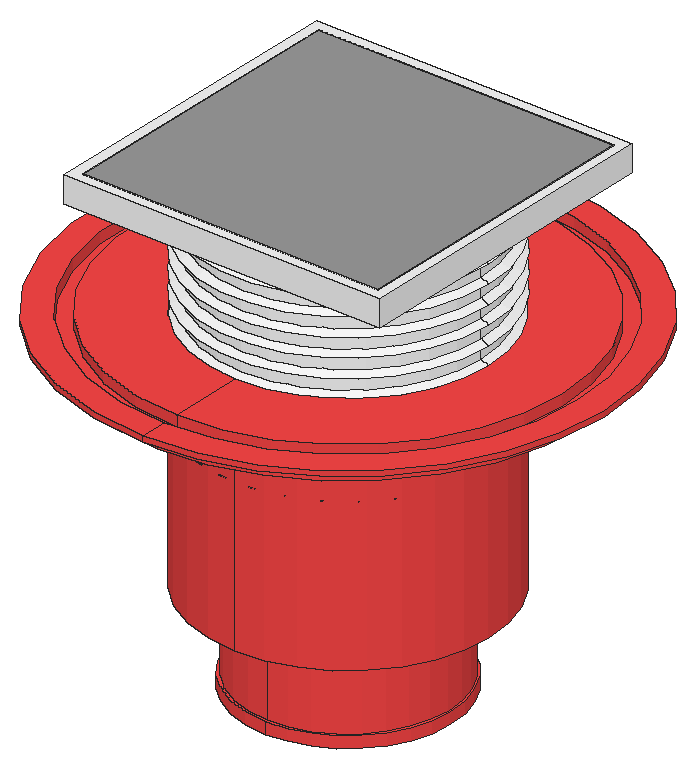
Revit family "HL Трап для внутренних помещенийHL310NPr-SML", category Сантехнические приборы, Revit 2025
Family settings
  Размер круглого соединителя = Использовать диаметр
  Тип детали = Нормальный
  Номер OmniClass = 23.70.50.21.24.14
  Заголовок OmniClass = Deck Waste Water Drains
  На основе рабочей плоскости = Нет
  Отображать на видах в сечении = Нет
  Всегда вертикально = Да
  При загрузке вырезать с полостями = Нет
  Сохранять ориентацию аннотаций = Нет
  Общий = Да
  Точка принадлежности помещению = Да
Parameters (values of type "HL310KSML_50")
  РЕШЁТКА = "115 x 115 mm / V2A"
  РАЗМЕР = "DN50/75/110"
  ПРОПУСКНАЯ СПОСОБНОСТЬ = 0.67 L/s
  ПРОИЗВОДИТЕЛЬНОСТЬ = "0,67 l/s"
  ПРАВОВАЯ ИНФОРМАЦИЯ = "Авторские права(©), права на дизайн или какие либо другие права интелектуальной собственности являются исключительной собственностью компании HL Hutterer & Lechner. Изменению не подлежит. Файл семейства с данными о прозводителе изделия защищен паролем с водяным знаком."  # constant formula
  Нормы = "EN 1253-1"
  НОМИНАЛЬНЫЙ ДИАМЕТР [instance] = 50 mm
  НАСАДКА = "12-70 mm / 123 x 123 mm / PP"
  МАТЕРИАЛ = "PP, V2A"
  МАКСИМАЛЬНАЯ НАГРУЗКА КЛАССА = "K3 - 300 kg"
  ВЫСОТА МОНТАЖА = "163 mm"
  ВЕС = "0,72 [kg]"
  EAN = "9003076004638"
  Отметка по умолчанию = 0 mm
  Подключение к вентиляции = no
  Изготовитель = "HL Hutterer & Lechner GmbH"  # constant formula
  URL = "http://www.hutterer-lechner.com/ru/Products/catalog/floor-drains/attachments/HL310N.aspx"
  Подключение к сливной трубе = yes
  Подключение к горячей воде = no
  Описание = "Трап для внутренних помещений"
  Model = "HL310KSML_50"
  Комментарии к типоразмеру = "Корпус трапа для внутренних помещений DN50/75/110 вертикальный"
  Keynote = "HL310KSML_50"
  Высота монтажа [instance] = 136 mm
  DN_Test [instance] = if(or(НОМИНАЛЬНЫЙ ДИАМЕТР = 50 mm, НОМИНАЛЬНЫЙ ДИАМЕТР = 75 mm, НОМИНАЛЬНЫЙ ДИАМЕТР = 110 mm), 30 mm, 0 mm)  # 30 mm
  Подключение к холодной воде = no
  B [instance] = if(НОМИНАЛЬНЫЙ ДИАМЕТР = 110 mm, Высота монтажа - 41 mm, if(НОМИНАЛЬНЫЙ ДИАМЕТР = 75 mm, Высота монтажа - 5.5 mm, Высота монтажа))  # 136 mm
  A [instance] = if(B - 100 mm > 15 mm, B - 100 mm, 15 mm)  # 36 mm
Reference planes
  plane 1 "Center (Front/Back)": y = 0
  plane 2: z = 0
  plane 3 "Center (Left/Right)": x = 0
  plane 4 "Ball Joint Vertical": x = 25.45
  plane 5: z = -136
  plane 6: z = -136
Lines and regions (mm)
  model lines, style "InvisibleLines"
    curve 1: line (0, 0, 0) -> (0, 0, 975)
  reference lines
    curve 2: line (0, 0, -131.004) -> (0, 0, -136.004)
  model lines, detail levels coarse+medium
    curve 3: line (0, 0, -136) -> (0, 0, -100)
    curve 4: line (0, 0, -100) -> (100, 0, 0)
    curve 5: line (0, 0, -100) -> (-100, 0, 0)
  symbolic lines, style "InvisibleLines", not visible
    curve 6: line (0, 0, 0) -> (0, 0, -30)
  symbolic lines, detail levels coarse+medium
    curve 7: line (-75, 75, 0) -> (75, 75, 0)
    curve 8: line (-75, -75, 0) -> (-75, 75, 0)
    curve 9: line (75, -75, 0) -> (-75, -75, 0)
    curve 10: line (75, 75, 0) -> (75, -75, 0)
    curve 11: line (75, 75, 0) -> (145.711, 145.711, 0)
    curve 12: line (-75, 75, 0) -> (-145.711, 145.711, 0)
    curve 13: line (75, -75, 0) -> (145.711, -145.711, 0)
    curve 14: line (-75, -75, 0) -> (-145.711, -145.711, 0)
  symbolic lines, not visible, detail levels coarse+medium
    curve 15: line (97.767, 268.748, 0) -> (247.767, 268.748, 0)
    curve 16: line (97.767, 118.748, 0) -> (97.767, 268.748, 0)
    curve 17: line (247.767, 118.748, 0) -> (97.767, 118.748, 0)
    curve 18: line (247.767, 268.748, 0) -> (247.767, 118.748, 0)
    curve 19: line (247.767, 268.748, 0) -> (318.478, 339.459, 0)
    curve 20: line (97.767, 268.748, 0) -> (27.057, 339.459, 0)
    curve 21: line (247.767, 118.748, 0) -> (318.478, 48.037, 0)
    curve 22: line (97.767, 118.748, 0) -> (27.057, 48.037, 0)
Text (mm)
  text "FLOOR" at (-218.559, 0, -14.206), in view "вид строительства"
Dimensions and locks
  locked: plane 4 "Ball Joint Vertical" to plane 3 "Center (Left/Right)" at 25.45
  "Высота монтажа": plane 2 to plane 5
  "A": curve 5 to plane 6
  "B": curve 5 to plane 6
  "B": curve 4 to plane 6
  "B": plane 2 to plane 6
  "DN_Test": plane 2 to curve 6
  plane 2 to nested 1 = 92.986 mm
  locked: curve 4 to plane 3 "Center (Left/Right)" (angle 45.00°)
  locked: plane 3 "Center (Left/Right)" to curve 5 (angle 45.00°)
  aligned and locked: level to plane 2
  aligned and locked: plane 2 to curve 1
  aligned and locked: plane 3 "Center (Left/Right)" to curve 1
  aligned and locked: plane 3 "Center (Left/Right)" to curve 2
  aligned and locked: plane 3 "Center (Left/Right)" to curve 3
  aligned and locked: plane 3 "Center (Left/Right)" to curve 5
  aligned and locked: plane 6 to curve 3
Automatic sketch dimensions
  curve 2 to plane 6 = 0.004 mm
  plane 6 to curve 2 = 4.996 mm
  level to curve 1 = 975 mm
Nested families
  nested 1: "HL-Корпус для трапа внутренних помещений-HL310KSML-50" at (0, 0, -0.017), type "HL310KSML-50"
  nested 2: "HL_Вкладыш сифона_HL2000" at (0, 0, 45), type "HL2000_Main Component"
  nested 3: "HL_Насадка_HL037N.2E" at (0, 0, 52.5), type "HL037N.2E"
    with Высота монтажа 70 mm, RN 11, RL 71.5 mm, R yes, NL_Test yes, NL 90 mm
  nested 4: "HL_Решётка_HL037Pr.1E" at (0, 0, 52.5), type "HL037Pr.1E"
Connectors
  piping at (0, 0, -136.004), diameter 50, driven by "ПРОПУСКНАЯ СПОСОБНОСТЬ", driven by "НОМИНАЛЬНЫЙ ДИАМЕТР"
    settings: on curve 2, index 1, connector inside diameter 609.6 mm, connector length 0 mm, flow factor 0, pipe flow 0.67 L/s, pressure drop 0.0 Pa, fitting loss kfactor 0, connector angle 0.00°, fixture units 0, engagement length 0 mm, angle of deflection 0.00°, flow configuration 1, flow direction 2, fitting loss method 0, system type 16, joint type 0, gender type 0, connector reference index -1, connector utility 0, adjustable connector no, is connector primary yes, connector description ""
Definition of nested family "HL-Корпус для трапа внутренних помещений-HL310KSML-50"
  Parameters (values of type "HL310KSML-50")
    РАЗМЕР = "d50"
    ПРОИЗВОДИТЕЛЬНОСТЬ = ">0,5 l/s"
    ПРАВОВАЯ ИНФОРМАЦИЯ = "Авторские права(©), права на дизайн или какие либо другие права интелектуальной собственности являются исключительной собственностью компании HL Hutterer & Lechner. Изменению не подлежит. Файл семейства с данными о прозводителе изделия защищен паролем с водяным знаком."  # constant formula
    Нормы = "EN 1253"
    МАТЕРИАЛ = "PP"
    ВЫСОТА МОНТАЖА = "132 mm"
    ВЕС = "0,33 [kg]"
    Waste Connection = yes
    Default Elevation = 0 mm
    Vent Connection = no
    Manufacturer = "HL Hutterer & Lechner GmbH"  # constant formula
    URL = "https://www.hutterer-lechner.com/ru/Products/catalog/Floor-drains/vertical/flange/HL310KSML/50.aspx"
    Assembly Code = ""
    HW Connection = no
    Description = "Трап для внутренних помещений"
    Model = "HL310KSML-50"
    Type Comments = "Корпус трапа для внутренних помещений DN50/75/110 вертикальный"
    Keynote = "HL310KSML-50"
    EAN = "9003076052219"
    CW Connection = no
  Reference planes
    plane 1 "Center (Front/Back)": y = 0
    plane 2: z = 0
    plane 3 "Center (Left/Right)": x = 0
    plane 4 "Ball Joint Vertical": x = 25.45
  Forms (mm)
    Revolve 1, solid, detail levels fine
      sketch origin (0, 0, 0) x (0, 1, 0) y (0, 0, 1)
        loop
          line (54.997, 0) -> (54.997, -20) -> (52.897, -20) -> (52.897, -92.969) -> (20.821, -92.969) -> (20.821, -135.983) -> (22.621, -135.983) -> (22.621, -94.969) -> (27.121, -94.969) -> (27.121, -126.376) -> (35.181, -130.483) -> (40.181, -130.483) -> (40.181, -125.983) -> (39.197, -125.983) -> (39.197, -94.969) -> (54.997, -94.969) -> (54.997, -23.507) -> (58.197, -23.507) -> (58.197, -7.5) -> (77.9, -7.5) -> (92.9, -7.5) -> (92.9, -2) -> (100, -2) -> (100, 0) -> (89.685, 0) -> (89.685, -4) -> (83.685, -4) -> (83.685, 0) -> (54.997, 0)
        axis (0, 0) -> (0, -135.983)
      angle from 0 to 360
  Text (mm)
    text "ROOF/FLOOR" at (-198.233, 0, -26.556), in view "вид строительства"
  Dimensions and locks
    locked: plane 4 "Ball Joint Vertical" to plane 3 "Center (Left/Right)" at 25.45
    aligned and locked: level to plane 2
    aligned and locked: Revolve 1 sketch curve to plane 1 "Center (Front/Back)"
Definition of nested family "HL_Вкладыш сифона_HL2000"
  Parameters (values of type "HL2000_Main Component")
    ПРАВОВАЯ ИНФОРМАЦИЯ = "Авторские права(©), права на дизайн или какие либо другие права интелектуальной собственности являются исключительной собственностью компании HL Hutterer & Lechner. Изменению не подлежит. Файл семейства с данными о прозводителе изделия защищен паролем с водяным знаком."  # constant formula
    Default Elevation = 0 mm
    МАТЕРИАЛ = "PP/ABS"
    Assembly Code = "Main Component"
    ВЕС = "0,113 [kg]"
    Waste Connection = yes
    Vent Connection = no
    Manufacturer = "HL Hutterer & Lechner GmbH"  # constant formula
    URL = "http://www.hutterer-lechner.com/ru/products/catalog/floor-drains/attachments/HL2000.aspx"
    HW Connection = no
    EAN = "9003076004560"
    Description = "Трапы для внутренних помещений - Комплектующие"
    Model = "HL2000"
    Type Comments = "HL2000 Вкладыш запахозапирающий Primus"
    Keynote = "HL2000"
    CW Connection = no
  Reference planes
    plane 1 "Center (Front/Back)": y = 0
    plane 2: z = 0
    plane 3 "Center (Left/Right)": x = 0
    plane 4 "Ball Joint Vertical": x = 25.45
  Forms (mm)
    Revolve 1, solid, detail levels fine
      sketch origin (0, 0, 0) x (0, 1, 0) y (0, 0, 1)
        loop
          line (53, 0) -> (45, 0) -> (45, -68.5) -> (18, -68.5) -> (18, -15.003) -> (16, -15.003) -> (16, -70.5) -> (47, -70.5) -> (47, -21) -> (48.894, -21) -> (48.894, -14) -> (49.7, -14) -> (49.7, -2) -> (53, -2) -> (53, 0)
        axis (0, 0) -> (0, -70.5)
      angle from 0 to 360
    Extrusion 2, solid, detail levels fine
      sketch origin (0, 0, 0) x (1, 0, 0) y (0, 1, 0)
        loop
          line (-19.787, -11.726) -> (-17.395, -9.334) -> (-9.334, -17.395) -> (-11.726, -19.787)
          arc (-11.726, -19.787) -> (16.263, -16.263) -> (19.787, 11.726) r 23
          line (19.787, 11.726) -> (17.395, 9.334) -> (9.334, 17.395) -> (11.726, 19.787)
          arc (11.726, 19.787) -> (-16.263, 16.263) -> (-19.787, -11.726) r 23
      from -78 to -79.5
    Extrusion 3, solid, detail levels fine
      sketch origin (0, 0, 0) x (1, 0, 0) y (0, 1, 0)
        loop
          line (13.011, 21.072) -> (9.334, 17.395) -> (17.395, 9.334) -> (21.072, 13.011) -> (13.011, 21.072)
        loop
          line (-17.395, -9.334) -> (-21.072, -13.011) -> (-13.011, -21.072) -> (-9.334, -17.395) -> (-17.395, -9.334)
      from -68.5 to -79.5
    Revolve 4, solid, detail levels fine
      sketch origin (0, 0, 0) x (0, 1, 0) y (0, 0, 1)
        loop
          line (40, -13.503) -> (0, -13.503) -> (0, -15.003) -> (25, -15.003) -> (25, -68.5) -> (40, -68.5) -> (40, -13.503)
        axis (0, -13.503) -> (0, -68.5)
      angle from 0 to 360
    Revolve 5, solid, detail levels fine
      sketch origin (0, 0, 0) x (0, 1, 0) y (0, 0, 1)
        loop
          arc (49.7, -10.402) -> (50.661, -8.7) -> (49.7, -6.998) r 1.988
          line (49.7, -6.998) -> (49.7, -10.402)
        axis (0, -6.998) -> (0, -10.402)
      angle from 0 to 360
  Cuts and joins
    joined: Revolve 1, Extrusion 2, Extrusion 3, Revolve 4
  Text (mm)
    text "ROOF/FLOOR" at (-198.233, 0, -26.556), in view "Drain Construction View"
    text "HL_GRATE FRAME LENGTH  must be between\n12 and 70 mm. Use extension to prolong. " at (88.527, 0, -8.583), in view "Drain Construction View"
  Dimensions and locks
    locked: plane 4 "Ball Joint Vertical" to plane 3 "Center (Left/Right)" at 25.45
    aligned and locked: level to plane 2
Definition of nested family "HL_Насадка_HL037N.2E"
  Parameters
    РАЗМЕР = "d 110 mm"
    ПРАВОВАЯ ИНФОРМАЦИЯ = "Авторские права(©), права на дизайн или какие либо другие права интелектуальной собственности являются исключительной собственностью компании HL Hutterer & Lechner. Изменению не подлежит. Файл семейства с данными о прозводителе изделия защищен паролем с водяным знаком."  # constant formula
    НАСАДКА = "123x123mm"
    МАТЕРИАЛ = "PP"
    Высота монтажа [instance] = 70 mm
    ВЫСОТА МОНТАЖА = "12-70mm"
    ВЕС = "0,08 [kg]"
    Waste Connection = yes
    Default Elevation = 0 mm
    Vent Connection = no
    RD = 6.5 mm  # constant formula
    R [instance] = ((Высота монтажа - NL_Min) / RD - 1) > 2  # yes
    RL [instance] = if(Высота монтажа < 18 mm, 1 mm, RD * RN)  # 71.5 mm
    NL_Test [instance] = and(or(Высота монтажа < NL_Max, Высота монтажа = NL_Max), or(Высота монтажа > NL_Min, Высота монтажа = NL_Min))  # yes
    NL_Min = 12 mm
    NL_Max = 70 mm
    NL [instance] = if(NL_Test, Высота монтажа + 20 mm, 0 mm)  # 90 mm
    RN [instance] = if((Высота монтажа + 20 mm - NL_Min) / RD - 1 < 2, 2, (Высота монтажа + 20 mm - NL_Min) / RD - 1)  # 11
    Manufacturer = "HL Hutterer & Lechner GmbH"  # constant formula
    URL = "http://www.hutterer-lechner.com/ru/products/catalog/floor-drains/attachments/HL037pr.11e.aspx"
    HW Connection = no
    Description = "Трапы для внутренних помещений - Комплектующие"
    Model = "HL037N.2E"
    Type Comments = "HL037N.2E Насадные подрамники d 110мм/90мм/123х123мм с О-кольцом"
    Keynote = "HL037N.2E"
    EAN = "9003076015290"
    CW Connection = no
  Reference planes
    plane 1 "Center (Front/Back)": y = 0
    plane 2: z = 0
    plane 3 "Center (Left/Right)": x = 0
    plane 4 "Ball Joint Vertical": x = 25.45
    plane 5: z = -90
  Forms (mm)
    Extrusion 1, solid, detail levels fine
      sketch origin (0, 0, 0) x (1, 0, 0) y (0, 1, 0)
        loop
          line (-61.5, 61.5) -> (-61.5, -61.5) -> (61.5, -61.5) -> (61.5, 61.5) -> (-61.5, 61.5)
      from -10 to 0
    Extrusion 2, solid, detail levels fine
      sketch origin (0, 0, 0) x (1, 0, 0) y (0, 1, 0)
        loop
          circle (0, 0) r 51.744
      from -90 to -10
    Extrusion 3, void
      sketch origin (0, 0, 0) x (1, 0, 0) y (0, 1, 0)
        loop
          line (-57.5, 57.5) -> (-57.5, -57.5) -> (57.5, -57.5) -> (57.5, 57.5) -> (-57.5, 57.5)
      from 0 to -8
  Cuts and joins
    Extrusion 3 cuts Extrusion 1
  Lines and regions (mm)
    symbolic lines
      curve 1: line (0, 0, -90) -> (0, 0, 0)
    model lines
      curve 2: line (0, 0, 0) -> (0, 0, 100)
  Text (mm)
    text "ROOF/FLOOR" at (-198.233, 0, -26.556), in view "Drain Construction View"
  Dimensions and locks
    locked: plane 4 "Ball Joint Vertical" to plane 3 "Center (Left/Right)" at 25.45
    "NL": plane 2 to plane 5
    equal spacing: group 1, group 3, group 4, group 5, group 6, group 7, group 8, group 9, group 10, group 11, group 2  (x3)
    "RL": nested 2 to nested 1
    locked: nested 1 to plane 5 at 1.516
    aligned and locked: level to plane 2
    aligned and locked: plane 3 "Center (Left/Right)" to nested 1
    aligned and locked: plane 1 "Center (Front/Back)" to nested 1
    aligned and locked: plane 2 to curve 1
    aligned and locked: plane 5 to curve 1
    aligned and locked: Extrusion 2 to plane 5
  Automatic sketch dimensions
    Extrusion 1 sketch curve to plane 3 "Center (Left/Right)" = 61.5 mm
    plane 4 "Ball Joint Vertical" to Extrusion 1 sketch curve = 36.05 mm
    plane 1 "Center (Front/Back)" to Extrusion 1 sketch curve = 61.5 mm
    Extrusion 1 sketch curve to plane 1 "Center (Front/Back)" = 61.5 mm
    plane 1 "Center (Front/Back)" to Extrusion 2 sketch curve = 0 mm
    Extrusion 2 sketch curve to plane 3 "Center (Left/Right)" = 0 mm
    Extrusion 3 sketch curve to plane 3 "Center (Left/Right)" = 57.5 mm
    plane 4 "Ball Joint Vertical" to Extrusion 3 sketch curve = 32.05 mm
    plane 1 "Center (Front/Back)" to Extrusion 3 sketch curve = 57.5 mm
    Extrusion 3 sketch curve to plane 1 "Center (Front/Back)" = 57.5 mm
    curve 2 to plane 3 "Center (Left/Right)" = 0 mm
    level to curve 2 = 100 mm
    radius of Extrusion 2 sketch curve = 51.744 mm
  Nested families
    nested 1: "Ring" at (0, 0, -88.484), visible <- "R", type "Ring"
    nested 2: "Ring" at (0, 0, -16.984), visible <- "R", type "Ring"
    nested 3: "Ring" at (0, 0, -81.334), visible <- "R", type "Ring"
    nested 4: "Ring" at (0, 0, -74.184), visible <- "R", type "Ring"
    nested 5: "Ring" at (0, 0, -67.034), visible <- "R", type "Ring"
    nested 6: "Ring" at (0, 0, -59.884), visible <- "R", type "Ring"
    nested 7: "Ring" at (0, 0, -52.734), visible <- "R", type "Ring"
    nested 8: "Ring" at (0, 0, -45.584), visible <- "R", type "Ring"
    nested 9: "Ring" at (0, 0, -38.434), visible <- "R", type "Ring"
    nested 10: "Ring" at (0, 0, -31.284), visible <- "R", type "Ring"
    nested 11: "Ring" at (0, 0, -24.134), visible <- "R", type "Ring"
  Definition of nested family "Ring"
    Parameters (values of type "Ring")
      Manufacturer = ""
      Default Elevation = 0 mm
      URL = ""
      R = D / 2  # 51.5 mm
      Description = ""
      Model = ""
      Material = none
      Type Comments = ""
      D = 103 mm
      Cost = 0
    Reference planes
      plane 1 "Střed (vpředu/vzadu)": y = 0
      plane 2: z = 0
      plane 3 "Střed (vlevo/vpravo)": x = 0
    Forms (mm)
      Revolve 1, solid, material <- "Material", detail levels fine
        sketch origin (0, 0, 0) x (1, 0, 0) y (0, 0, 1)
          loop
            line (-51.5, 1.482) -> (-54.764, 0) -> (-51.5, -1.516) -> (-51.5, 1.482)
          axis (0, 1.482) -> (0, -1.516)
        angle from 0 to 360
    Dimensions and locks
      "R": Revolve 1 sketch curve to plane 3 "Střed (vlevo/vpravo)"
      aligned and locked: level to plane 2
      aligned and locked: Revolve 1 sketch curve to plane 3 "Střed (vlevo/vpravo)"
    Automatic sketch dimensions
      Revolve 1 sketch curve to level = 0 mm
      Revolve 1 sketch curve to Revolve 1 sketch curve = 3.264 mm
      Revolve 1 sketch curve to level = 1.516 mm
      level to Revolve 1 sketch curve = 1.482 mm
      Revolve 1 sketch curve to level = 381 mm
      Revolve 1 sketch curve to Revolve 1 sketch curve = 2212.833 mm
Definition of nested family "HL_Решётка_HL037Pr.1E"
  Parameters (values of type "HL037Pr.1E")
    РАЗМЕР = "115x115mm"
    ПРАВОВАЯ ИНФОРМАЦИЯ = "Авторские права(©), права на дизайн или какие либо другие права интелектуальной собственности являются исключительной собственностью компании HL Hutterer & Lechner. Изменению не подлежит. Файл семейства с данными о прозводителе изделия защищен паролем с водяным знаком."  # constant formula
    МАТЕРИАЛ = "V2A"
    МАКСИМАЛЬНАЯ НАГРУЗКА КЛАССА = "K3 - 300 kg"
    ВЕС = "0,15 [kg]"
    Waste Connection = yes
    Default Elevation = 0 mm
    Vent Connection = no
    Manufacturer = "HL Hutterer & Lechner GmbH"  # constant formula
    URL = "http://www.hutterer-lechner.com/ru/products/catalog/floor-drains/attachments/HL037pr.1e.aspx"
    HW Connection = no
    Description = "Трапы для внутренних помещений - Комплектующие"
    Model = "HL037Pr.1E"
    Type Comments = "HL037Pr.1E Решётка из нержавеющей стали 115х115 мм"
    Keynote = "HL037Pr.1E"
    EAN = "9003076028474"
    CW Connection = no
  Reference planes
    plane 1 "Center (Front/Back)": y = 0
    plane 2: z = 0
    plane 3 "Center (Left/Right)": x = 0
    plane 4 "Ball Joint Vertical": x = 25.45
  Forms (mm)
    Extrusion 1, solid, detail levels fine
      sketch origin (0, 0, 0) x (1, 0, 0) y (0, 1, 0)
        loop
          line (57.5, 57.5) -> (-57.5, 57.5) -> (-57.5, -57.5) -> (57.5, -57.5) -> (57.5, 57.5)
      from 0 to -5
  Lines and regions (mm)
    model lines, detail levels fine
      curve 1: spline (-13.927, 0, 0) -> (-13.452, 1.165, 0) -> (-12.061, 2.25, 0) -> (-9.848, 3.182, 0) -> (-6.964, 3.897, 0) -> (-3.605, 4.347, 0) -> (0, 4.5, 0) -> (3.605, 4.347, 0) -> (6.964, 3.897, 0) -> (9.848, 3.182, 0) -> (12.061, 2.25, 0) -> (13.452, 1.165, 0) -> (13.927, 0, 0) -> (13.452, -1.165, 0) -> (12.061, -2.25, 0) -> (9.848, -3.182, 0) -> (6.964, -3.897, 0) -> (3.605, -4.347, 0) -> (0, -4.5, 0) -> (-3.605, -4.347, 0) -> (-6.964, -3.897, 0) -> (-9.848, -3.182, 0) -> (-12.061, -2.25, 0) -> (-13.452, -1.165, 0) -> (-13.927, 0, 0)
      curve 2: line (-5.9, 0.4, 0) -> (-11.9, 0.4, 0)
      curve 3: line (-3.65, -2, 0) -> (-3.65, 2, 0)
      curve 4: arc (-3.65, 2, 0) -> (-3.15, 2.5, 0) -> (-2.65, 2, 0) r 0.5
      curve 5: line (-2.65, 2, 0) -> (-2.65, 0.5, 0)
      curve 6: line (-2.65, 0.5, 0) -> (-0.65, 0.5, 0)
      curve 7: line (-0.65, 0.5, 0) -> (-0.65, 2, 0)
      curve 8: arc (-0.65, 2, 0) -> (-0.15, 2.5, 0) -> (0.35, 2, 0) r 0.5
      curve 9: line (0.35, 2, 0) -> (0.35, -2, 0)
      curve 10: arc (0.35, -2, 0) -> (-0.15, -2.5, 0) -> (-0.65, -2, 0) r 0.5
      curve 11: line (-0.65, -2, 0) -> (-0.65, -0.5, 0)
      curve 12: line (-0.65, -0.5, 0) -> (-2.65, -0.5, 0)
      curve 13: line (-2.65, -0.5, 0) -> (-2.65, -2, 0)
      curve 14: arc (-2.65, -2, 0) -> (-3.15, -2.5, 0) -> (-3.65, -2, 0) r 0.5
      curve 15: line (1.85, -2, 0) -> (1.85, 2, 0)
      curve 16: arc (1.85, 2, 0) -> (1.996, 2.354, 0) -> (2.35, 2.5, 0) r 0.5
      curve 17: arc (2.35, 2.5, 0) -> (2.704, 2.354, 0) -> (2.85, 2, 0) r 0.5
      curve 18: line (2.85, 2, 0) -> (2.85, -1, 0)
      curve 19: arc (2.85, -1, 0) -> (2.996, -1.354, 0) -> (3.35, -1.5, 0) r 0.5
      curve 20: line (3.35, -1.5, 0) -> (4.35, -1.5, 0)
      curve 21: arc (4.35, -1.5, 0) -> (4.85, -2, 0) -> (4.35, -2.5, 0) r 0.5
      curve 22: line (4.35, -2.5, 0) -> (2.35, -2.5, 0)
      curve 23: arc (2.35, -2.5, 0) -> (1.996, -2.354, 0) -> (1.85, -2, 0) r 0.5
      curve 24: line (12.1, 0.4, 0) -> (6.1, 0.4, 0)
      curve 25: line (-5.9, -0.4, 0) -> (-11.9, -0.4, 0)
      curve 26: line (12.1, -0.4, 0) -> (6.1, -0.4, 0)
      curve 27: line (-5.9, 0.4, 0) -> (-5.9, -0.4, 0)
      curve 28: line (-11.9, 0.4, 0) -> (-11.9, -0.4, 0)
      curve 29: line (6.1, 0.4, 0) -> (6.1, -0.4, 0)
      curve 30: line (12.1, 0.4, 0) -> (12.1, -0.4, 0)
      curve 31: arc (38.029, -24.059, 0) -> (45, 0, 0) -> (38.029, 24.059, 0) r 45
      curve 32: arc (38.029, 24.059, 0) -> (35.09, 25.896, 0) -> (31.82, 24.749, 0) r 4
      curve 33: arc (31.82, 24.749, 0) -> (30.673, 22.362, 0) -> (31.268, 19.782, 0) r 4
      curve 34: arc (31.268, 19.782, 0) -> (37, 0, 0) -> (31.268, -19.782, 0) r 37
      curve 35: arc (31.268, -19.782, 0) -> (30.673, -22.362, 0) -> (31.82, -24.749, 0) r 4
      curve 36: arc (31.82, -24.749, 0) -> (35.09, -25.896, 0) -> (38.029, -24.059, 0) r 4
      curve 37: arc (24.059, 38.029, 0) -> (0, 45, 0) -> (-24.059, 38.029, 0) r 45
      curve 38: arc (-24.059, 38.029, 0) -> (-25.896, 35.09, 0) -> (-24.749, 31.82, 0) r 4
      curve 39: arc (-24.749, 31.82, 0) -> (-22.362, 30.673, 0) -> (-19.782, 31.268, 0) r 4
      curve 40: arc (-19.782, 31.268, 0) -> (0, 37, 0) -> (19.782, 31.268, 0) r 37
      curve 41: arc (19.782, 31.268, 0) -> (22.362, 30.673, 0) -> (24.749, 31.82, 0) r 4
      curve 42: arc (24.749, 31.82, 0) -> (25.896, 35.09, 0) -> (24.059, 38.029, 0) r 4
      curve 43: arc (24.059, -38.029, 0) -> (0, -45, 0) -> (-24.059, -38.029, 0) r 45
      curve 44: arc (-24.059, -38.029, 0) -> (-25.896, -35.09, 0) -> (-24.749, -31.82, 0) r 4
      curve 45: arc (-24.749, -31.82, 0) -> (-22.362, -30.673, 0) -> (-19.782, -31.268, 0) r 4
      curve 46: arc (-19.782, -31.268, 0) -> (0, -37, 0) -> (19.782, -31.268, 0) r 37
      curve 47: arc (19.782, -31.268, 0) -> (22.362, -30.673, 0) -> (24.749, -31.82, 0) r 4
      curve 48: arc (24.749, -31.82, 0) -> (25.896, -35.09, 0) -> (24.059, -38.029, 0) r 4
      curve 49: arc (-38.029, -24.059, 0) -> (-45, 0, 0) -> (-38.029, 24.059, 0) r 45
      curve 50: arc (-38.029, 24.059, 0) -> (-35.09, 25.896, 0) -> (-31.82, 24.749, 0) r 4
      curve 51: arc (-31.82, 24.749, 0) -> (-30.673, 22.362, 0) -> (-31.268, 19.782, 0) r 4
      curve 52: arc (-31.268, 19.782, 0) -> (-37, 0, 0) -> (-31.268, -19.782, 0) r 37
      curve 53: arc (-31.268, -19.782, 0) -> (-30.673, -22.362, 0) -> (-31.82, -24.749, 0) r 4
      curve 54: arc (-31.82, -24.749, 0) -> (-35.09, -25.896, 0) -> (-38.029, -24.059, 0) r 4
    model lines
      curve 55: line (0, 0, 0) -> (0, 0, 100)
  Text (mm)
    text "ROOF/FLOOR" at (-198.233, 0, -26.556), in view "Drain Construction View"
  Dimensions and locks
    locked: plane 4 "Ball Joint Vertical" to plane 3 "Center (Left/Right)" at 25.45
    aligned and locked: level to plane 2
